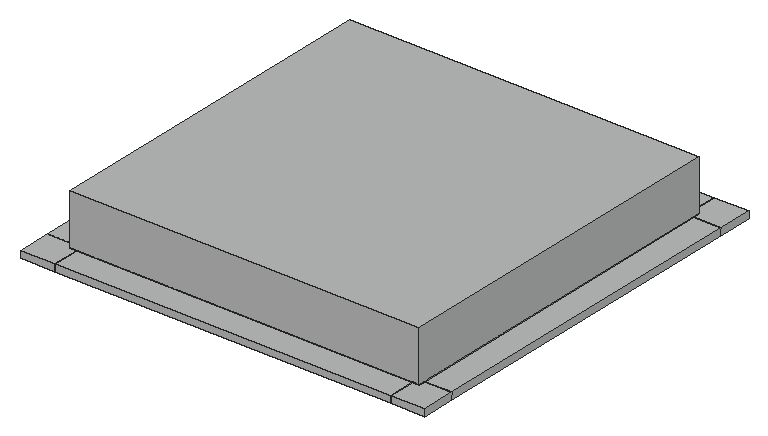
Revit family "ALUMOGIPS", category Осветительные приборы, Revit 2019 (continued)
Types (72, lengths in mm): name | Файл фотометрической сетки | built-in parameter 1150105 | Lumens | built-in parameter 1150106 | built-in parameter 1150142 | Wattage | Emit from Rectangle Width | Emit from Rectangle Length | Длина | Материал светильника | Ширина | ADSK_Ток | ADSK_Полная мощность | ADSK_Обозначение | ADSK_Номинальная мощность | ADSK_Наименование | ADSK_Масса | ADSK_Код изделия
    60.380 220.519 181.644 \r\n142.474 107.448 74.296 43.216 15.096 0.592 0.592 0.493 0.493 0.493 0.493 0.493 0.493 0.493 0.493 0.395 0.395 0.395 0.395 0.395 0.395 0.395 0.395 0.296 0.296 0.296 0.296 0.296 0.296 0.296 0.296 0.197 \r\n0.197 0.197 0.197 0.197 0.197 0.197 0.197 0.098 0.098 0.098 0.098 0.098 0.098 0.098 0.098 0.000 0.000 0.000 0.000 \r\n1417.637 1417.736 1414.775 1409.743 1402.146 1391.984 1379.355 1363.568 1345.709 1325.482 1303.283 1278.616 1252.272 1224.054 1193.862 1162.091 1128.940 1094.110 \r\n1058.097 1020.801 982.617 943.052 902.994 861.850 820.410 778.082 735.458 692.637 649.027 605.416 561.608 517.504 474.190 430.383 386.772 343.951 301.918 260.775 220.913 181.941 \r\n142.770 107.743 74.592 43.413 15.293 0.592 0.592 0.493 0.493 0.493 0.493 0.493 0.493 0.493 0.493 0.395 0.395 0.395 0.395 0.395 0.395 0.395 0.395 0.296 0.296 0.296 0.296 0.296 0.296 0.296 0.296 0.197 \r\n0.197 0.197 0.197 0.197 0.197 0.197 0.197 0.098 0.098 0.098 0.098 0.098 0.098 0.098 0.098 0.000 0.000 0.000 0.000 \r\n1417.637 1417.736 1414.874 1409.940 1402.344 1392.181 1379.650 1363.962 1346.104 1325.877 1303.776 1279.109 1252.766 1224.547 1194.454 1162.782 1129.531 1094.702 \r\n1058.788 1021.492 983.308 943.742 903.684 862.540 821.100 778.773 736.148 693.327 649.618 606.107 562.298 518.096 474.782 430.974 387.364 344.444 302.412 261.170 221.308 182.335 \r\n143.165 108.040 74.789 43.611 15.490 0.592 0.592 0.493 0.493 0.493 0.493 0.493 0.493 0.493 0.493 0.395 0.395 0.395 0.395 0.395 0.395 0.395 0.395 0.296 0.296 0.296 0.296 0.296 0.296 0.296 0.296 0.197 \r\n0.197 0.197 0.197 0.197 0.197 0.197 0.197 0.098 0.098 0.098 0.098 0.098 0.098 0.098 0.098 0.000 0.000 0.000 0.000 \r\n1417.637 1417.834 1414.973 1410.138 1402.541 1392.477 1379.946 1364.258 1346.499 1326.272 1304.171 1279.603 1253.259 1225.139 1195.045 1163.374 1130.123 1095.393 \r\n1059.478 1022.183 983.999 944.433 904.375 863.231 821.792 779.464 736.840 693.920 650.309 606.699 562.891 518.787 475.374 431.566 387.857 344.937 302.906 261.663 221.703 182.730 \r\n143.461 108.237 75.085 43.906 15.688 0.592 0.592 0.493 0.493 0.493 0.493 0.493 0.493 0.493 0.493 0.395 0.395 0.395 0.395 0.395 0.395 0.395 0.395 0.296 0.296 0.296 0.296 0.296 0.296 0.296 0.296 0.197 \r\n0.197 0.197 0.197 0.197 0.197 0.197 0.197 0.098 0.098 0.098 0.098 0.098 0.098 0.098 0.098 0.000 0.000 0.000 0.000 \r\n1417.637 1417.834 1415.071 1410.237 1402.837 1392.772 1380.243 1364.653 1346.892 1326.765 1304.664 1280.096 1253.752 1225.730 1195.638 1163.965 1130.814 1095.984 \r\n1060.071 1022.873 984.689 945.124 905.066 863.922 822.482 780.154 737.531 694.610 651.000 607.390 563.581 519.379 475.966 432.059 388.350 345.431 303.300 262.058 222.098 183.026 \r\n143.757 108.533 75.282 44.104 15.983 0.592 0.592 0.493 0.493 0.493 0.493 0.493 0.493 0.493 0.493 0.395 0.395 0.395 0.395 0.395 0.395 0.395 0.395 0.296 0.296 0.296 0.296 0.296 0.296 0.296 0.296 0.197 \r\n0.197 0.197 0.197 0.197 0.197 0.197 0.197 0.098 0.098 0.098 0.098 0.098 0.098 0.098 0.098 0.000 0.000 0.000 0.000 \r\n1417.637 1417.932 1415.170 1410.434 1403.034 1393.069 1380.636 1365.048 1347.287 1327.160 1305.157 1280.589 1254.344 1226.225 1196.230 1164.558 1131.406 1096.675 \r\n1060.761 1023.564 985.380 945.815 905.756 864.613 823.173 780.845 738.221 695.301 651.592 608.080 564.174 519.971 476.558 432.652 388.943 345.924 303.794 262.453 222.492 183.420 \r\n144.151 108.829 75.579 44.301 16.181 0.592 0.592 0.493 0.493 0.493 0.493 0.493 0.493 0.493 0.493 0.395 0.395 0.395 0.395 0.395 0.395 0.395 0.395 0.296 0.296 0.296 0.296 0.296 0.296 0.296 0.296 0.197 \r\n0.197 0.197 0.197 0.197 0.197 0.197 0.197 0.098 0.098 0.098 0.098 0.098 0.098 0.098 0.098 0.000 0.000 0.000 0.000 \r\n1417.637 1417.932 1415.268 1410.533 1403.232 1393.365 1380.933 1365.443 1347.682 1327.555 1305.552 1281.082 1254.837 1226.816 1196.821 1165.150 1131.998 1097.267 \r\n1061.452 1024.254 986.070 946.506 906.447 865.401 823.863 781.535 738.912 695.991 652.282 608.672 564.864 520.563 477.150 433.145 389.436 346.417 304.287 262.946 222.887 183.815 \r\n144.448 109.125 75.874 44.597 16.378 0.592 0.592 0.493 0.493 0.493 0.493 0.493 0.493 0.493 0.493 0.395 0.395 0.395 0.395 0.395 0.395 0.395 0.395 0.296 0.296 0.296 0.296 0.296 0.296 0.296 0.296 0.197 \r\n0.197 0.197 0.197 0.197 0.197 0.197 0.197 0.098 0.098 0.098 0.098 0.098 0.098 0.098 0.098 0.000 0.000 0.000 0.000 \r\n1417.637 1418.031 1415.368 1410.730 1403.527 1393.562 1381.229 1365.738 1348.077 1327.949 1306.045 1281.575 1255.331 1227.310 1197.414 1165.841 1132.689 1097.958 \r\n1062.043 1024.846 986.761 947.196 907.137 866.092 824.554 782.226 739.602 696.683 652.973 609.363 565.456 521.155 477.742 433.737 390.028 346.910 304.681 263.341 223.282 184.111 \r\n144.743 109.421 76.072 44.794 16.576 0.592 0.592 0.493 0.493 0.493 0.493 0.493 0.493 0.493 0.493 0.395 0.395 0.395 0.395 0.395 0.395 0.395 0.395 0.296 0.296 0.296 0.296 0.296 0.296 0.296 0.296 0.197 \r\n0.197 0.197 0.197 0.197 0.197 0.197 0.197 0.098 0.098 0.098 0.098 0.098 0.098 0.098 0.098 0.000 0.000 0.000 0.000 \r\n1417.637 1418.031 1415.466 1410.928 1403.725 1393.858 1381.524 1366.133 1348.472 1328.443 1306.440 1282.070 1255.824 1227.901 1198.006 1166.433 1133.280 1098.550 \r\n1062.735 1025.537 987.451 947.887 907.829 866.784 825.244 782.916 740.293 697.373 653.565 610.053 566.147 521.747 478.334 434.328 390.521 347.404 305.175 263.735 223.677 184.506 \r\n145.039 109.717 76.368 44.992 16.871 0.592 0.592 0.493 0.493 0.493 0.493 0.493 0.493 0.493 0.493 0.395 0.395 0.395 0.395 0.395 0.395 0.395 0.395 0.296 0.296 0.296 0.296 0.296 0.296 0.296 0.296 0.197 \r\n0.197 0.197 0.197 0.197 0.197 0.197 0.197 0.098 0.098 0.098 0.098 0.098 0.098 0.098 0.098 0.000 0.000 0.000 0.000 \r\n1417.637 1418.130 1415.565 1411.026 1403.922 1394.154 1381.919 1366.527 1348.866 1328.837 1306.933 1282.563 1256.416 1228.494 1198.597 1167.024 1133.873 1099.241 \r\n1063.425 1026.228 988.143 948.676 908.519 867.474 825.935 783.608 740.983 698.064 654.256 610.646 566.739 522.438 478.926 434.822 391.014 347.897 305.569 264.229 224.072 184.901 \r\n145.434 110.013 76.565 45.288 17.069 0.592 0.592 0.493 0.493 0.493 0.493 0.493 0.493 0.493 0.493 0.395 0.395 0.395 0.395 0.395 0.395 0.395 0.395 0.296 0.296 0.296 0.296 0.296 0.296 0.296 0.296 0.197 \r\n0.197 0.197 0.197 0.197 0.197 0.197 0.197 0.098 0.098 0.098 0.098 0.098 0.098 0.098 0.098 0.000 0.000 0.000 0.000 \r\n1417.637 1418.130 1415.762 1411.223 1404.218 1394.450 1382.216 1366.824 1349.261 1329.231 1307.427 1283.056 1256.910 1228.987 1199.190 1167.616 1134.563 1099.833 \r\n1064.016 1026.918 988.833 949.367 909.308 868.165 826.625 784.298 741.674 698.656 654.946 611.336 567.430 523.030 479.518 435.414 391.606 348.391 306.063 264.623 224.465 185.196 \r\n145.730 110.309 76.861 45.485 17.266 0.592 0.592 0.493 0.493 0.493 0.493 0.493 0.493 0.493 0.493 0.395 0.395 0.395 0.395 0.395 0.395 0.395 0.395 0.296 0.296 0.296 0.296 0.296 0.296 0.296 0.296 0.197 \r\n0.197 0.197 0.197 0.197 0.197 0.197 0.197 0.098 0.098 0.098 0.098 0.098 0.098 0.098 0.098 0.000 0.000 0.000 0.000 \r\n1417.637 1418.229 1415.861 1411.421 1404.415 1394.746 1382.512 1367.219 1349.656 1329.626 1307.821 1283.549 1257.403 1229.579 1199.782 1168.209 1135.155 1100.523 \r\n1064.708 1027.609 989.425 950.057 909.998 868.855 827.317 784.989 742.365 699.347 655.538 611.928 568.021 523.622 480.110 436.006 392.100 348.884 306.556 265.017 224.860 185.591 \r\n146.026 110.605 77.157 45.781 17.464 0.592 0.592 0.493 0.493 0.493 0.493 0.493 0.493 0.493 0.493 0.395 0.395 0.395 0.395 0.395 0.395 0.395 0.395 0.296 0.296 0.296 0.296 0.296 0.296 0.296 0.296 0.197 \r\n0.197 0.197 0.197 0.197 0.197 0.197 0.197 0.098 0.098 0.098 0.098 0.098 0.098 0.098 0.098 0.000 0.000 0.000 0.000 \r\n1417.637 1418.229 1415.960 1411.519 1404.613 1394.943 1382.807 1367.612 1350.051 1330.119 1308.315 1284.043 1257.896 1230.072 1200.275 1168.899 1135.748 1101.116 \r\n1065.398 1028.300 990.115 950.748 910.689 869.644 828.007 785.679 743.056 700.037 656.229 612.619 568.713 524.214 480.702 436.499 392.593 349.377 306.951 265.511 225.255 185.986 \r\n146.421 110.901 77.355 45.978 17.759 0.592 0.592 0.493 0.493 0.493 0.493 0.493 0.493 0.493 0.493 0.395 0.395 0.395 0.395 0.395 0.395 0.395 0.395 0.296 0.296 0.296 0.296 0.296 0.296 0.296 0.296 0.197 \r\n0.197 0.197 0.197 0.197 0.197 0.197 0.197 0.098 0.098 0.098 0.098 0.098 0.098 0.098 0.098 0.000 0.000 0.000 0.000 \r\n1417.637 1418.327 1416.058 1411.716 1404.810 1395.240 1383.202 1367.909 1350.445 1330.514 1308.808 1284.536 1258.488 1230.664 1200.867 1169.491 1136.339 1101.806 \r\n1066.089 1028.991 990.807 951.438 911.381 870.335 828.698 786.370 743.746 700.728 656.920 613.310 569.304 524.806 481.294 437.091 393.185 349.871 307.444 265.905 225.650 186.381 \r\n146.717 111.197 77.650 46.176 17.957 0.592 0.592 0.493 0.493 0.493 0.493 0.493 0.493 0.493 0.493 0.395 0.395 0.395 0.395 0.395 0.395 0.395 0.395 0.296 0.296 0.296 0.296 0.296 0.296 0.296 0.296 0.197 \r\n0.197 0.197 0.197 0.197 0.197 0.197 0.197 0.098 0.098 0.098 0.098 0.098 0.098 0.098 0.098 0.000 0.000 0.000 0.000 \r\n1417.637 1418.327 1416.156 1411.816 1405.106 1395.535 1383.498 1368.304 1350.839 1330.909 1309.203 1285.029 1258.981 1231.256 1201.459 1170.083 1137.030 1102.398 \r\n1066.680 1029.681 991.497 952.129 912.071 871.026 829.388 787.061 744.437 701.418 657.512 613.901 569.995 525.398 481.886 437.585 393.678 350.364 307.938 266.300 226.044 186.676 \r\n147.012 111.493 77.848 46.472 18.154 0.592 0.592 0.493 0.493 0.493 0.493 0.493 0.493 0.493 0.493 0.395 0.395 0.395 0.395 0.395 0.395 0.395 0.395 0.296 0.296 0.296 0.296 0.296 0.296 0.296 0.296 0.197 \r\n0.197 0.197 0.197 0.197 0.197 0.197 0.197 0.098 0.098 0.098 0.098 0.098 0.098 0.098 0.098 0.000 0.000 0.000 0.000 \r\n1417.637 1418.426 1416.255 1412.013 1405.303 1395.831 1383.794 1368.698 1351.234 1331.304 1309.696 1285.522 1259.474 1231.750 1202.051 1170.675 1137.622 1103.089 \r\n1067.372 1030.273 992.188 952.820 912.762 871.716 830.079 787.751 745.127 702.109 658.202 614.593 570.587 526.088 482.478 438.177 394.171 350.857 308.332 266.793 226.439 187.071 \r\n147.309 111.690 78.144 46.670 18.451 0.592 0.592 0.493 0.493 0.493 0.493 0.493 0.493 0.493 0.493 0.395 0.395 0.395 0.395 0.395 0.395 0.395 0.395 0.296 0.296 0.296 0.296 0.296 0.296 0.296 0.296 0.197 \r\n0.197 0.197 0.197 0.197 0.197 0.197 0.197 0.098 0.098 0.098 0.098 0.098 0.098 0.098 0.098 0.000 0.000 0.000 0.000 \r\n1417.637 1418.426 1416.354 1412.211 1405.501 1396.029 1384.090 1369.093 1351.629 1331.797 1310.189 1286.016 1259.968 1232.341 1202.643 1171.366 1138.214 1103.680 \r\n1068.062 1030.964 992.878 953.511 913.452 872.407 830.770 788.442 745.818 702.799 658.893 615.283 571.179 526.680 483.070 438.769 394.763 351.350 308.826 267.188 226.834 187.466 \r\n147.703 111.987 78.440 46.866 18.648 0.592 0.592 0.493 0.493 0.493 0.493 0.493 0.493 0.493 0.493 0.395 0.395 0.395 0.395 0.395 0.395 0.395 0.395 0.296 0.296 0.296 0.296 0.296 0.296 0.296 0.296 0.197 \r\n0.197 0.197 0.197 0.197 0.197 0.197 0.197 0.098 0.098 0.098 0.098 0.098 0.098 0.098 0.098 0.000 0.000 0.000 0.000 \r\n1417.637 1418.525 1416.453 1412.309 1405.796 1396.325 1384.485 1369.388 1352.024 1332.192 1310.584 1286.509 1260.560 1232.835 1203.235 1171.958 1138.905 1104.371 \r\n1068.654 1031.655 993.569 954.202 914.143 873.098 831.460 789.133 746.410 703.392 659.485 615.874 571.870 527.273 483.662 439.262 395.257 351.844 309.319 267.583 227.229 187.762 \r\n148.000 112.282 78.637 47.163 18.845 0.592 0.592 0.493 0.493 0.493 0.493 0.493 0.493 0.493 0.493 0.395 0.395 0.395 0.395 0.395 0.395 0.395 0.395 0.296 0.296 0.296 0.296 0.296 0.296 0.296 0.296 0.197 \r\n0.197 0.197 0.197 0.197 0.197 0.197 0.197 0.098 0.098 0.098 0.098 0.098 0.098 0.098 0.098 0.000 0.000 0.000 0.000 \r\n1417.637 1418.525 1416.551 1412.506 1405.994 1396.621 1384.781 1369.783 1352.419 1332.587 1311.077 1287.003 1261.053 1233.427 1203.827 1172.549 1139.497 1104.963 \r\n1069.345 1032.345 994.260 954.892 914.932 873.887 832.152 789.824 747.101 704.082 660.176 616.565 572.462 527.864 484.254 439.855 395.849 352.337 309.714 268.076 227.722 188.157 \r\n148.295 112.578 78.933 47.360 19.042 0.592 0.592 0.493 0.493 0.493 0.493 0.493 0.493 0.493 0.493 0.395 0.395 0.395 0.395 0.395 0.395 0.395 0.395 0.296 0.296 0.296 0.296 0.296 0.296 0.296 0.296 0.197 \r\n0.197 0.197 0.197 0.197 0.197 0.197 0.197 0.098 0.098 0.098 0.098 0.098 0.098 0.098 0.098 0.000 0.000 0.000 0.000 \r\n1417.637 1418.525 1416.453 1412.309 1405.796 1396.325 1384.485 1369.388 1352.024 1332.192 1310.584 1286.509 1260.560 1232.835 1203.235 1171.958 1138.905 1104.371 \r\n1068.654 1031.655 993.569 954.202 914.143 873.098 831.460 789.133 746.410 703.392 659.485 615.874 571.870 527.273 483.662 439.262 395.257 351.844 309.319 267.583 227.229 187.762 \r\n148.000 112.282 78.637 47.163 18.845 0.592 0.592 0.493 0.493 0.493 0.493 0.493 0.493 0.493 0.493 0.395 0.395 0.395 0.395 0.395 0.395 0.395 0.395 0.296 0.296 0.296 0.296 0.296 0.296 0.296 0.296 0.197 \r\n0.197 0.197 0.197 0.197 0.197 0.197 0.197 0.098 0.098 0.098 0.098 0.098 0.098 0.098 0.098 0.000 0.000 0.000 0.000 \r\n1417.637 1418.426 1416.354 1412.211 1405.501 1396.029 1384.090 1369.093 1351.629 1331.797 1310.189 1286.016 1259.968 1232.341 1202.643 1171.366 1138.214 1103.680 \r\n1068.062 1030.964 992.878 953.511 913.452 872.407 830.770 788.442 745.818 702.799 658.893 615.283 571.179 526.680 483.070 438.769 394.763 351.350 308.826 267.188 226.834 187.466 \r\n147.703 111.987 78.440 46.866 18.648 0.592 0.592 0.493 0.493 0.493 0.493 0.493 0.493 0.493 0.493 0.395 0.395 0.395 0.395 0.395 0.395 0.395 0.395 0.296 0.296 0.296 0.296 0.296 0.296 0.296 0.296 0.197 \r\n0.197 0.197 0.197 0.197 0.197 0.197 0.197 0.098 0.098 0.098 0.098 0.098 0.098 0.098 0.098 0.000 0.000 0.000 0.000 \r\n1417.637 1418.426 1416.255 1412.013 1405.303 1395.831 1383.794 1368.698 1351.234 1331.304 1309.696 1285.522 1259.474 1231.750 1202.051 1170.675 1137.622 1103.089 \r\n1067.372 1030.273 992.188 952.820 912.762 871.716 830.079 787.751 745.127 702.109 658.202 614.593 570.587 526.088 482.478 438.177 394.171 350.857 308.332 266.793 226.439 187.071 \r\n147.309 111.690 78.144 46.670 18.451 0.592 0.592 0.493 0.493 0.493 0.493 0.493 0.493 0.493 0.493 0.395 0.395 0.395 0.395 0.395 0.395 0.395 0.395 0.296 0.296 0.296 0.296 0.296 0.296 0.296 0.296 0.197 \r\n0.197 0.197 0.197 0.197 0.197 0.197 0.197 0.098 0.098 0.098 0.098 0.098 0.098 0.098 0.098 0.000 0.000 0.000 0.000 \r\n1417.637 1418.327 1416.156 1411.816 1405.106 1395.535 1383.498 1368.304 1350.839 1330.909 1309.203 1285.029 1258.981 1231.256 1201.459 1170.083 1137.030 1102.398 \r\n1066.680 1029.681 991.497 952.129 912.071 871.026 829.388 787.061 744.437 701.418 657.512 613.901 569.995 525.398 481.886 437.585 393.678 350.364 307.938 266.300 226.044 186.676 \r\n147.012 111.493 77.848 46.472 18.154 0.592 0.592 0.493 0.493 0.493 0.493 0.493 0.493 0.493 0.493 0.395 0.395 0.395 0.395 0.395 0.395 0.395 0.395 0.296 0.296 0.296 0.296 0.296 0.296 0.296 0.296 0.197 \r\n0.197 0.197 0.197 0.197 0.197 0.197 0.197 0.098 0.098 0.098 0.098 0.098 0.098 0.098 0.098 0.000 0.000 0.000 0.000 \r\n1417.637 1418.327 1416.058 1411.716 1404.810 1395.240 1383.202 1367.909 1350.445 1330.514 1308.808 1284.536 1258.488 1230.664 1200.867 1169.491 1136.339 1101.806 \r\n1066.089 1028.991 990.807 951.438 911.381 870.335 828.698 786.370 743.746 700.728 656.920 613.310 569.304 524.806 481.294 437.091 393.185 349.871 307.444 265.905 225.650 186.381 \r\n146.717 111.197 77.650 46.176 17.957 0.592 0.592 0.493 0.493 0.493 0.493 0.493 0.493 0.493 0.493 0.395 0.395 0.395 0.395 0.395 0.395 0.395 0.395 0.296 0.296 0.296 0.296 0.296 0.296 0.296 0.296 0.197 \r\n0.197 0.197 0.197 0.197 0.197 0.197 0.197 0.098 0.098 0.098 0.098 0.098 0.098 0.098 0.098 0.000 0.000 0.000 0.000 \r\n1417.637 1418.229 1415.960 1411.519 1404.613 1394.943 1382.807 1367.612 1350.051 1330.119 1308.315 1284.043 1257.896 1230.072 1200.275 1168.899 1135.748 1101.116 \r\n1065.398 1028.300 990.115 950.748 910.689 869.644 828.007 785.679 743.056 700.037 656.229 612.619 568.713 524.214 480.702 436.499 392.593 349.377 306.951 265.511 225.255 185.986 \r\n146.421 110.901 77.355 45.978 17.759 0.592 0.592 0.493 0.493 0.493 0.493 0.493 0.493 0.493 0.493 0.395 0.395 0.
